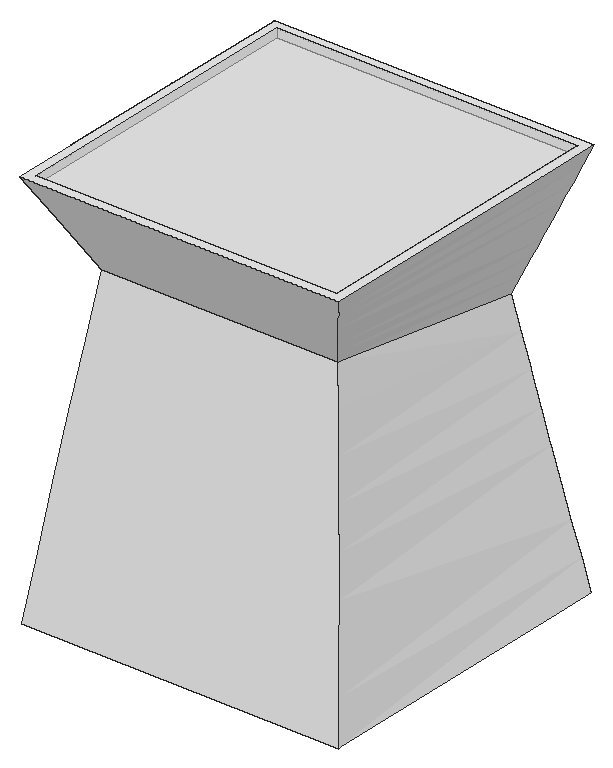
Revit family
Parameters
  Width = 1' - 2"  # constant formula
  URL = "http://elanbydecca.com/"
  Top [instance] = Furniture - DECCA (Elan) - Vertex - Top
  Base [instance] = Furniture - DECCA (Elan) - Vertex - Base
  Product URL = "http://elanbydecca.com/PDFs/elan_tearsheet-vertex.pdf"
  Model = "VT ST105"
  Manufacturer = "Decca Contract"
  Height = 1' - 6"  # constant formula
  Description = "Vertex, Side Table"
  Depth = 1' - 2"  # constant formula
  Assembly Description = "Furniture & Accessories"
  Assembly Code = "E2020200"
Reference planes (in)
  plane 1 "Center Front/Back": y = -0.7524
  plane 2: z = 0
  plane 3 "Center Left/Right": x = 0
  plane 4 "L": x = -7
  plane 5 "R": x = 7
  plane 6 "F": y = -7.7524
  plane 7: y = 6.2476
  plane 8: through (-6.25338, 2.33237, 23.38953) normal (0.4297, -0.4297, 0.7941)
  plane 9: z = 18
  plane 10: z = 17.625
  plane 11: y = 7.2476
  plane 12: y = -8.7524
  plane 13: through (0, 4.67457, 5.97753) normal (0, -0.1896, 0.9819)
  plane 14: z = 3.38545
  plane 15: z = 6.47425
  plane 16: z = 9
Forms (in)
  Extrusion 1, solid, material "Furniture - DECCA (Elan) - Vertex - Base" <- "Base"
    sketch origin (0, 0, 8.32075) x (0, -1, 0) y (1, 0, 0)
      loop
        line (-6.2476, -7) -> (7.7524, -7) -> (7.7524, 7) -> (-6.2476, 7) -> (-6.2476, -7)
    from -8.32075 to 9.67925
  Extrusion 2, void
    sketch origin (0, 0, 18) x (0, 1, 0) y (0, 0, 1)
      loop
        line (6.2476, 0) -> (4.67457, -5.97753) -> (6.2476, -17.971) -> (6.37335, -17.971) -> (6.37335, 0) -> (6.2476, 0)
      loop
        line (-7.7524, -17.971) -> (-5.51083, -4.01124) -> (-7.7524, 0) -> (-8.2524, 0) -> (-8.2524, -17.971) -> (-7.7524, -17.971)
    from -8.86542 to 9.00469
  Blend 3, void
    base sketch origin (0, -16.42176, 18) x (1, 0, 0) y (0, 0, -1)
      loop
        line (-4.48315, 6.47425) -> (-7, 17.971) -> (-7.33143, 17.971) -> (-7.33143, 0) -> (-7, 0) -> (-4.48315, 6.47425)
    top sketch origin (0, -16.42176, 18) x (1, 0, 0) y (0, 0, -1)
      loop
        line (-5.35645, 3.38545) -> (-7, 17.971) -> (-7.26092, 17.971) -> (-7.26092, 0) -> (-7, 0) -> (-5.35645, 3.38545)
    from 23.66936 to 7.66936
  Blend 4, void
    base sketch origin (0, -16.42176, 18) x (-1, 0, 0) y (0, 0, 1)
      loop
        line (-4.48315, -6.47425) -> (-7, 0) -> (-7.33143, 0) -> (-7.33143, -17.971) -> (-7, -17.971) -> (-4.48315, -6.47425)
    top sketch origin (0, -16.42176, 18) x (-1, 0, 0) y (0, 0, 1)
      loop
        line (-5.35645, -3.38545) -> (-7, 0) -> (-7.26092, 0) -> (-7.26092, -17.971) -> (-7, -17.971) -> (-5.35645, -3.38545)
    from 23.66936 to 7.66936
  Extrusion 5, void
    sketch origin (0, 0, 0) x (0, 1, 0) y (0, 0, 1)
      loop
        line (7.2476, 0) -> (7.2476, 0.375) -> (-8.7524, 0.375) -> (-8.7524, 0) -> (7.2476, 0)
    from -9.34626 to 12
  Extrusion 6, void
    sketch origin (0, 0, 8.32075) x (0, -1, 0) y (1, 0, 0)
      loop
        line (-5.8726, -6.625) -> (7.3774, -6.625) -> (7.3774, 6.625) -> (-5.8726, 6.625) -> (-5.8726, -6.625)
    from 9.30425 to 12
  Extrusion 7, solid, material "Furniture - DECCA (Elan) - Vertex - Top" <- "Top"
    sketch origin (0, 0, 8.32075) x (0, -1, 0) y (1, 0, 0)
      loop
        line (-5.8726, -6.625) -> (7.3774, -6.625) -> (7.3774, 6.625) -> (-5.8726, 6.625) -> (-5.8726, -6.625)
    from 9.30425 to 9.67925
Cuts and joins
  Extrusion 2, Blend 3, Blend 4, Extrusion 5, Extrusion 6 cuts Extrusion 1
Dimensions and locks (in)
  equal spacing: plane 4 "L", plane 3 "Center Left/Right", plane 5 "R"
  equal spacing: plane 7, plane 1 "Center Front/Back", plane 6 "F"
  "Width": plane 4 "L" to plane 5 "R"
  "Depth": plane 7 to plane 6 "F"
  "Height": plane 9 to level
  locked: plane 9 to plane 10 at 0.375
  aligned and locked: plane 4 "L" to Extrusion 1 sketch curve
  aligned and locked: plane 7 to Extrusion 1 sketch curve
  aligned and locked: plane 6 "F" to Extrusion 1 sketch curve
  aligned and locked: Extrusion 1 sketch curve to plane 5 "R"
  aligned and locked: Extrusion 1 to level
  aligned and locked: plane 9 to Extrusion 1
  aligned and locked: Extrusion 6 to plane 10
  aligned and locked: Extrusion 7 sketch curve to cut or joined group of Extrusion 1, Extrusion 2, Blend 3, Blend 4, Extrusion 5, Extrusion 6  (x4)
Automatic sketch dimensions
  Extrusion 2 sketch curve to plane 9 = 0' - 0"  (x2)
  Extrusion 2 sketch curve to plane 6 "F" = 0' - 0"  (x2)
  Extrusion 2 sketch curve to plane 7 = 0' - 0"
  level to Extrusion 2 sketch curve = 0' - 0.029"  (x2)
  Extrusion 2 sketch curve to plane 6 "F" = 0' - 0 1/2"
  plane 6 "F" to Extrusion 2 sketch curve = 0' - 2.24157"
  Extrusion 2 sketch curve to plane 7 = 0' - 1.57303"
  plane 7 to Extrusion 2 sketch curve = 0' - 0"
  Extrusion 2 sketch curve to Extrusion 2 sketch curve = 0' - 0.12575"
  plane 16 to Extrusion 2 sketch curve = 0' - 3.02247"
  Extrusion 2 sketch curve to plane 10 = 0' - 3.63624"
  Blend 3 sketch curve to plane 9 = 0' - 0"  (x2)
  Blend 3 sketch curve to plane 4 "L" = 0' - 0"  (x3)
  Blend 3 sketch curve to Blend 3 sketch curve = 0' - 0.33143"
  plane 4 "L" to Blend 3 sketch curve = 0' - 0"
  plane 4 "L" to Blend 3 sketch curve = 0' - 2.51685"
  plane 16 to Blend 3 sketch curve = 0' - 2.52575"
  level to Blend 3 sketch curve = 0' - 0.029"  (x2)
  Blend 3 sketch curve to Blend 3 sketch curve = 0' - 0.26092"
  plane 4 "L" to Blend 3 sketch curve = 0' - 1.64355"
  Blend 3 sketch curve to plane 10 = 0' - 3.01045"
  Blend 4 sketch curve to plane 9 = 0' - 0"  (x2)
  plane 5 "R" to Blend 4 sketch curve = 0' - 0"  (x4)
  Blend 4 sketch curve to Blend 4 sketch curve = 0' - 0.33143"
  plane 5 "R" to Blend 4 sketch curve = 0' - 2.51685"
  plane 16 to Blend 4 sketch curve = 0' - 2.52575"
  level to Blend 4 sketch curve = 0' - 0.029"  (x2)
  Blend 4 sketch curve to Blend 4 sketch curve = 0' - 0.26092"
  plane 5 "R" to Blend 4 sketch curve = 0' - 1.64355"
  Blend 4 sketch curve to plane 10 = 0' - 3.01045"
  Extrusion 5 sketch curve to level = 0' - 0"
  Extrusion 5 sketch curve to plane 12 = 0' - 0"
  Extrusion 5 sketch curve to plane 11 = 0' - 0"
  Extrusion 5 sketch curve to Extrusion 5 sketch curve = 0' - 0 3/8"
  plane 5 "R" to Extrusion 6 sketch curve = 0' - 0 3/8"
  plane 6 "F" to Extrusion 6 sketch curve = 0' - 0 3/8"
  plane 4 "L" to Extrusion 6 sketch curve = 0' - 0 3/8"
  Extrusion 6 sketch curve to plane 7 = 0' - 0 3/8"
